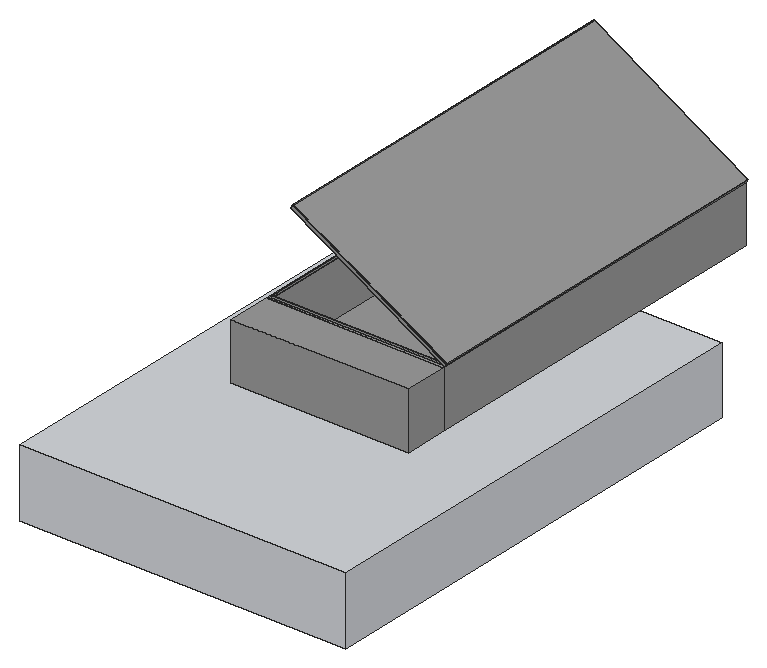
Revit family "Hager-Univers-IP55-D275-H1900-Cl.I-Steel_encl-NoHosted-DE-de", category Equipement électrique, Revit 2020
Family settings
  Hôte = Face
  Configuration du panneau = Deux colonnes, circuits au sein
  Cote de connecteur circulaire = Utiliser le diamètre
  Type d'élément = Tableau de raccordement
  Couper avec des vides une fois chargée = Non
  Partagée = Non
  Point de calcul de pièce = Non
Parameters (values of type "Bodenaufstellung IP55 B800 H1900 T275  - FR13E2")
  Width Control [instance] = if([EF000008 - Breite] > Min Width, [EF000008 - Breite], Min Width)  # 800 mm
  Commentaires du type = [HG000003 - Bereich]  # "Univers"
  Thickness Door [instance] = if([EF009171 - Materialstärke Tür/Deckel] > 3 mm, 3 mm, [EF009171 - Materialstärke Tür/Deckel])  # 1.5 mm
  Seal Frame Offset [instance] = 17 mm  # constant formula
  Plinth Visibility [instance] = [HG000027 - Sockelhöhe] > 0 mm  # yes
  Model = ""
  Min Width [instance] = 100 mm  # constant formula
  Min Height [instance] = 100 mm  # constant formula
  Min Depth [instance] = (2 * [EF009170 - Materialstärke Gehäuse]) + 1 mm  # 4 mm
  Internal Frame Depth [instance] = (Door System Depth * 0.5)  # 9 mm
  Height Control [instance] = if([EF000040 - Höhe] > Min Height, [EF000040 - Höhe], Min Height)  # 1900 mm
  HG000027 - Sockelhöhe = 200 mm
  HG000026 - Stehend auf dem Boden = yes
  HG000024 - Höhe des unteren Teils = 800 mm
  HG000023 - Gehäuse mit doppeltem Querschnitt = no
  HG000016 - 3D-Türsichtbarkeit [instance] = yes
  HG000015 - Sichtbarkeit der Türöffnung [instance] = no
  HG000014 - Tür rechts [instance] = yes
  HG000013 - Tür links [instance] = not([HG000014 - Tür rechts])  # no
  HG000012 - Türschwenkwinkel [instance] = 30.00°
  HG000010 - Asymmetrische Türen = no
  HG000009 - Doppelflügeligen Tür = no
  HG000006 - Unterputz = no
  HG000004 - Herstellerreferenz = "FR13E2"
  HG000003 - Bereich = "Univers"
  HG000002 - Mit tür = yes
  Frame Offset Bottom [instance] = 10 mm  # constant formula
  Frame Offset [instance] = 15 mm  # constant formula
  EF015940 - Deckel mit Überdruckentlastung = no
  EF011959 - Schutzart (NEMA) = ""
  EF009554 - Anzahl der Öffnungen für Flanschplatten = 6
  Fabricant = "Hager"  # constant formula
  EF009212 - Ausführung Deckel = "EV000116 - geschlossen"
  EF009171 - Materialstärke Tür/Deckel = 1.5 mm
  EF009170 - Materialstärke Gehäuse = 1.5 mm
  EF008873 - Nennstrom (In) = 800 A
  EF007800 - Geeignet für Blitzschutz = no
  EF006306 - Mit Schloss = no
  EF006244 - Transparenter Deckel/Tür = no
  EF005474 - Schutzart (IP) = "EV006420 - IP55"
  EF004464 - Art der Tür = "EV002646 - Einzel"
  EF004427 - Anzahl der Module = 396
  EF004293 - Schlagfestigkeit = "EV008784 - IK10"
  EF003532 - Geeignet für Außengebrauch = no
  EF002950 - Breite in Teilungseinheiten = 24
  EF001613 - Funktionserhalt = "EV000494 - ohne"
  EF001596 - Werkstoff des Gehäuses = "EV000179 - Stahl"
  EF001131 - Innentiefe = 275 mm
  EF001088 - Anbaumöglichkeit = yes
  EF000437 - Anzahl der Leitungseinführungen = 6
  EF000339 - Art der Abdeckung = "EV004216 - Tür"
  EF000266 - Anzahl der Reihen = 11
  EF000218 - Einbautiefe = 0 mm
  EF000118 - Mit Montageplatte = no
  EF000116 - RAL-Nummer = "7035"
  EF000049 - Tiefe = 275 mm
  EF000040 - Höhe = 1900 mm
  EF000008 - Breite = 800 mm
  EF000007 - Farbe = "EV000270 - grau"
  EF000003 - Montageart = "EV012274 - Bodenaufstellung"
  Door System Leaf Tolerance [instance] = 1.5 mm  # constant formula
  Door System Depth [instance] = 18 mm  # constant formula
  Door Height [instance] = Height Control - [HG000027 - Sockelhöhe]  # 1700 mm
  Depth Control [instance] = if([EF000049 - Tiefe] > Min Depth, [EF000049 - Tiefe], Min Depth)  # 275 mm
  Default Elevation = 0 mm
  Connector Offset [instance] = Height Control / 2  # 950 mm
  Bottom Top Plate Trim [instance] = 1.5 mm  # constant formula
  Plinth height Ctrl [instance] = if([HG000027 - Sockelhöhe] > 0 mm, [HG000027 - Sockelhöhe], 12 mm)  # 200 mm
Types (5, lengths in mm): name | Width Control | HG000010 - Asymmetrische Türen | HG000009 - Doppelflügeligen Tür | HG000004 - Herstellerreferenz | EF009554 - Anzahl der Öffnungen für Flanschplatten | EF004464 - Art der Tür | EF004427 - Anzahl der Module | EF000437 - Anzahl der Leitungseinführungen | EF000008 - Breite
  Bodenaufstellung IP55 B1050 H1900 T275  - FR14E2 | 1050 | yes | yes | "FR14E2" | 8 | "EV003602 - Doppel" | 528 | 8 | 1050
  Bodenaufstellung IP55 B1300 H1900 T275  - FR15E2 | 1300 | yes | yes | "FR15E2" | 10 | "EV003602 - Doppel" | 660 | 10 | 1300
  Bodenaufstellung IP55 B300 H1900 T275  - FR11E2 | 300 | no | no | "FR11E2" | 2 | "EV002646 - Einzel" | 132 | 2 | 300
  Bodenaufstellung IP55 B550 H1900 T275  - FR12E2 | 550 | no | no | "FR12E2" | 4 | "EV002646 - Einzel" | 264 | 4 | 550
  Bodenaufstellung IP55 B800 H1900 T275  - FR13E2 | 800 | no | no | "FR13E2" | 6 | "EV002646 - Einzel" | 396 | 6 | 800
Reference planes
  plane 1 "Center (Front/Back)": y = 0
  plane 2: z = 0
  plane 3 "Center (Left/Right)": x = 0
  plane 4: z = 275
  plane 5: y = 201.5
  plane 6: y = 1050
  plane 7: y = 200
  plane 8: y = 1900
  plane 9: z = 0
  plane 10: x = -385
  plane 11: x = 385
  plane 12: x = 383.5
  plane 13: x = -383.5
  plane 14: y = 1898.5
  plane 15: x = -383
  plane 16: x = -400
  plane 17: x = 383
  plane 18: x = 400
  plane 19: x = 398.5
  plane 20: x = -398.5
  plane 21: y = 211.5
  plane 22: y = 1900
  plane 23: y = 1883.5
  plane 24: z = 257
  plane 25: z = 1.5
  plane 26: z = 255.5
  plane 27: z = 273.5
Forms (mm)
  Extrusion 1, solid
    sketch origin (0, 0, 0) x (1, 0, 0) y (0, 1, 0)
      loop
        line (-702.964, 1305) -> (-702.964, -811.445) -> (766.763, -811.445) -> (766.763, 1305) -> (-702.964, 1305)
    from 0 to -304.8
  Extrusion 2, solid, material "Hager_Steel_RAL7035_Light_Grey", visible <- "Plinth Visibility", detail levels medium+fine
    sketch origin (0, 0, 0) x (1, 0, 0) y (0, 1, 0)
      loop
        line (-400, 0) -> (400, 0) -> (400, 200) -> (-400, 200) -> (-400, 0)
    from 0 to 257
  Extrusion 3, solid, material "Hager_Steel_RAL7035_Light_Grey", detail levels medium+fine
    sketch origin (0, 0, 0) x (1, 0, 0) y (0, 1, 0)
      loop
        line (-400, 200) -> (400, 200) -> (400, 1900) -> (-400, 1900) -> (-400, 200)
    from 0 to 257
  Extrusion 4, void
    sketch origin (0, 0, 0) x (1, 0, 0) y (0, 1, 0)
      loop
        line (-398.5, 201.5) -> (398.5, 201.5) -> (398.5, 1898.5) -> (-398.5, 1898.5) -> (-398.5, 201.5)
    from 1.5 to 255.5
  Extrusion 5, void
    sketch origin (-381.607, -4572, 257) x (0, -1, 0) y (-1, 0, 0)
      loop
        line (-4783.5, 1.893) -> (-6455.5, 1.893) -> (-6455.5, -765.107) -> (-4783.5, -765.107) -> (-4783.5, 1.893)
    from 0 to 1.5 <- "EF009170 - Materialstärke Gehäuse"
  Extrusion 6, solid, material "Hager_Steel_RAL7035_Light_Grey", detail levels fine
    sketch origin (0, 0, 257) x (1, 0, 0) y (0, 1, 0)
      loop
        line (-383.5, 1883.5) -> (-383.5, 211.5) -> (383.5, 211.5) -> (383.5, 1883.5) -> (-383.5, 1883.5)
      loop
        line (-385, 210) -> (385, 210) -> (385, 1885) -> (-385, 1885) -> (-385, 210)
    from 0 to 9 <- "Internal Frame Depth"
  Extrusion 7, solid, material "Hager_Steel_RAL7035_Light_Grey", detail levels coarse
    sketch origin (0, 0, 0) x (1, 0, 0) y (0, 1, 0)
      loop
        line (-400, 0) -> (400, 0) -> (400, 1900) -> (-400, 1900) -> (-400, 0)
    from 0 to 275
  Sweep 8, void
    path in 3D
      loop
        line (-400, 200, 0) -> (400, 200, 0) -> (400, 200, 257) -> (-400, 200, 257) -> (-400, 200, 0)
    profile origin (-400, 200, 128.5) x (-1, 0, 0) y (0, -1, 0)
      loop
        line (0, 0) -> (0, 1.5) -> (-1.5, 1.5)
        arc (-1.5, 1.5) -> (-1.061, 0.439) -> (0, 0) r 1.5
Cuts and joins
  Extrusion 4, Extrusion 5 cuts Extrusion 3
  Sweep 8 cuts Extrusion 2
Lines and regions (mm)
  Masking region 1
    outline origin (0, 0, 0) x (1, 0, 0) y (0, 0, 1)
      loop
        line (-400, 275) -> (-400, 0) -> (400, 0) -> (400, 275) -> (-400, 275)
  Masking region 2, detail levels medium+fine
    outline origin (0, 140, 0) x (0, 1, 0) y (0, 0, 1)
      loop
        line (60, 0) -> (1760, 0) -> (1760, 257) -> (60, 257) -> (60, 0)
  Masking region 3, not visible, detail levels medium+fine
    outline origin (0, 297.922, 0) x (0, 1, 0) y (0, 0, 1)
      loop
        line (763.578, 0) -> (803.578, 0) -> (803.578, 263.5)
        arc (803.578, 263.5) -> (800.649, 270.571) -> (793.578, 273.5) r 10
        line (793.578, 273.5) -> (763.578, 273.5) -> (763.578, 0)
  Masking region 4, detail levels coarse
    outline origin (0, 0, 180) x (0, 1, 0) y (0, 0, 1)
      loop
        line (0, -180) -> (1900, -180) -> (1900, 95) -> (0, 95) -> (0, -180)
  Masking region 5, visible <- "Plinth Visibility", detail levels medium+fine
    outline origin (0, 52.24, 12.345) x (0, 0, -1) y (0, 1, 0)
      loop
        line (10.845, 147.76) -> (-243.155, 147.76)
        arc (-243.155, 147.76) -> (-243.594, 146.699) -> (-244.655, 146.26) r 1.5
        line (-244.655, 146.26) -> (-244.655, -52.24) -> (12.345, -52.24) -> (12.345, 146.26)
        arc (12.345, 146.26) -> (11.285, 146.699) -> (10.845, 147.76) r 1.5
  Masking region 6, detail levels medium+fine
    outline origin (-381.607, -4572, 257) x (-1, 0, 0) y (0, -1, 0)
      loop
        line (18.393, -6472) -> (18.393, -4772) -> (-781.607, -4772) -> (-781.607, -6472) -> (18.393, -6472)
  Masking region 7, visible <- "Plinth Visibility", detail levels medium+fine
    outline origin (-381.607, -4727, 257) x (-1, 0, 0) y (0, -1, 0)
      loop
        arc (16.893, -4927) -> (17.332, -4925.939) -> (18.393, -4925.5) r 1.5
        line (18.393, -4925.5) -> (18.393, -4727) -> (-781.607, -4727) -> (-781.607, -4925.5)
        arc (-781.607, -4925.5) -> (-780.546, -4925.939) -> (-780.107, -4927) r 1.5
        line (-780.107, -4927) -> (16.893, -4927)
  Masking region 8, detail levels coarse
    outline origin (-442.548, -4669.526, 257) x (-1, 0, 0) y (0, -1, 0)
      loop
        line (-42.548, -6569.526) -> (-42.548, -4669.526) -> (-842.548, -4669.526) -> (-842.548, -6569.526) -> (-42.548, -6569.526)
  sketch lines
    curve 1: line (-400, 200, 257) -> (-400, 200, 0)
    curve 2: line (400, 200, 257) -> (-400, 200, 257)
    curve 3: line (400, 200, 257) -> (400, 200, 0)
    curve 4: line (-400, 200, 0) -> (400, 200, 0)
Dimensions and locks
  "Depth Control": plane 4 to Extrusion 1
  "HG000027 - Sockelhöhe": plane 1 "Center (Front/Back)" to plane 7
  "EF009170 - Materialstärke Gehäuse": plane 5 to plane 7
  locked: connector elem to plane 3 "Center (Left/Right)"
  equal spacing: plane 8, plane 6, plane 7
  locked: connector elem to plane 6
  "EF009170 - Materialstärke Gehäuse": plane 8 to plane 14
  "EF009170 - Materialstärke Gehäuse": plane 10 to plane 13
  "EF009170 - Materialstärke Gehäuse": plane 12 to plane 11
  "Frame Offset": plane 20 to plane 13
  "Frame Offset": plane 12 to plane 19
  "EF009170 - Materialstärke Gehäuse": plane 16 to plane 20
  "EF009170 - Materialstärke Gehäuse": plane 19 to plane 18
  "Seal Frame Offset": plane 16 to plane 15
  "Seal Frame Offset": plane 17 to plane 18
  "Frame Offset Bottom": plane 21 to plane 5
  "Frame Offset": plane 14 to plane 23
  equal spacing: plane 16, plane 3 "Center (Left/Right)", plane 18
  "Width Control": plane 16 to plane 18
  "EF009170 - Materialstärke Gehäuse": plane 4 to plane 27
  "EF009170 - Materialstärke Gehäuse": plane 24 to plane 26
  "EF009170 - Materialstärke Gehäuse": plane 25 to level
  "Door System Depth": plane 4 to plane 24
  "Height Control": plane 1 "Center (Front/Back)" to Extrusion 7 sketch curve
  "Height Control": Masking region 4 sketch curve to plane 1 "Center (Front/Back)"
  "Height Control": plane 1 "Center (Front/Back)" to plane 22
  "Bottom Top Plate Trim": profile plane to Sweep 8 sketch curve
  "Bottom Top Plate Trim": Sweep 8 sketch curve to profile plane
  "Plinth height Ctrl": plane 1 "Center (Front/Back)" to Extrusion 2 sketch curve
  "Plinth height Ctrl": Masking region 5 sketch curve to plane 1 "Center (Front/Back)"
  "Plinth height Ctrl": plane 1 "Center (Front/Back)" to Masking region 7 sketch curve
  "Thickness Door": Extrusion 6 sketch curve to Extrusion 6 sketch curve  (x3)
  "Thickness Door": cut or joined group of Extrusion 3, Extrusion 4, Extrusion 5 to Extrusion 6 sketch curve
  radius of Masking region 3 sketch curve = 10 mm
  "Bottom Top Plate Trim": radius of Masking region 5 sketch curve  (x2)
  "Bottom Top Plate Trim": radius of Sweep 8 sketch curve
  "Bottom Top Plate Trim": radius of Masking region 7 sketch curve  (x2)
  aligned and locked: plane 2 to Extrusion 1
  aligned and locked: level to Extrusion 1
  aligned and locked: level to Masking region 1 sketch curve
  aligned and locked: Masking region 1 sketch curve to plane 18
  aligned and locked: Masking region 1 sketch curve to plane 16
  aligned and locked: plane 7 to Masking region 2 sketch curve
  aligned and locked: level to Masking region 3 sketch curve
  aligned and locked: Masking region 3 sketch curve to plane 27
  aligned and locked: level to Masking region 2 sketch curve
  aligned and locked: plane 1 "Center (Front/Back)" to Extrusion 2 sketch curve
  aligned and locked: Extrusion 3 sketch curve to plane 7
  aligned and locked: plane 16 to Extrusion 3 sketch curve
  aligned and locked: plane 18 to Extrusion 3 sketch curve
  aligned and locked: plane 20 to Extrusion 4 sketch curve
  aligned and locked: plane 19 to Extrusion 4 sketch curve
  aligned and locked: Extrusion 4 sketch curve to plane 5
  aligned and locked: Extrusion 4 to plane 25
  aligned and locked: plane 26 to Extrusion 4
  aligned and locked: plane 24 to Extrusion 3
  aligned and locked: Extrusion 5 sketch curve to plane 21
  aligned and locked: Extrusion 5 sketch curve to plane 13
  aligned and locked: Extrusion 5 sketch curve to plane 12
  aligned and locked: plane 18 to Extrusion 7 sketch curve
  aligned and locked: plane 1 "Center (Front/Back)" to Extrusion 7 sketch curve
  aligned and locked: plane 16 to Extrusion 7 sketch curve
  aligned and locked: plane 4 to Extrusion 7
  aligned and locked: Extrusion 7 to level
  aligned and locked: level to Masking region 4 sketch curve
  aligned and locked: Masking region 4 sketch curve to plane 1 "Center (Front/Back)"
  aligned and locked: Masking region 4 sketch curve to plane 4
  aligned and locked: nested 1 to level
  aligned and locked: nested 1 to plane 16
  aligned and locked: plane 8 to Extrusion 3 sketch curve
  aligned and locked: plane 23 to Extrusion 5 sketch curve
  aligned and locked: plane 14 to Extrusion 4 sketch curve
  aligned and locked: Masking region 2 sketch curve to plane 8
  aligned and locked: level to Masking region 5 sketch curve
  aligned and locked: plane 16 to Extrusion 2 sketch curve
  aligned and locked: plane 18 to Extrusion 2 sketch curve
  aligned and locked: Masking region 5 sketch curve to plane 24
  aligned and locked: Masking region 2 sketch curve to plane 24
  aligned and locked: plane 24 to Extrusion 2
  aligned and locked: profile plane to Sweep 8 sketch curve  (x2)
  aligned and locked: Masking region 6 sketch curve to plane 18
  aligned and locked: Masking region 6 sketch curve to plane 22
  aligned and locked: Masking region 6 sketch curve to plane 16
  aligned and locked: plane 8 to plane 22
  aligned and locked: Masking region 6 sketch curve to plane 7
  aligned and locked: Masking region 7 sketch curve to plane 16
  aligned and locked: Masking region 7 sketch curve to plane 1 "Center (Front/Back)"
  aligned and locked: Masking region 7 sketch curve to plane 18
  aligned and locked: Masking region 8 sketch curve to plane 1 "Center (Front/Back)"
  aligned and locked: Masking region 8 sketch curve to plane 18
  aligned and locked: Masking region 8 sketch curve to plane 22
  aligned and locked: Masking region 8 sketch curve to plane 16
  aligned and locked: nested 2 to plane 7
  aligned and locked: plane 3 "Center (Left/Right)" to nested 2
  aligned and locked: nested 2 to plane 24
  aligned and locked: Extrusion 6 sketch curve to cut or joined group of Extrusion 3, Extrusion 4, Extrusion 5  (x4)
Automatic sketch dimensions
  Extrusion 1 sketch curve to Extrusion 1 sketch curve = 1469.727 mm
  Extrusion 1 sketch curve to Extrusion 1 sketch curve = 2116.445 mm
  Masking region 1 sketch curve to plane 4 = 0 mm
  plane 6 to Masking region 3 sketch curve = 11.5 mm
  Masking region 3 sketch curve to Masking region 3 sketch curve = 30 mm
  Masking region 5 sketch curve to plane 1 "Center (Front/Back)" = 0 mm
Nested families
  nested 1: "Hager_Enclosure_Symbol" at (-400, 0, 0) x (1, 0, 0) z (0, -1, 0), Height <- "Depth Control", Width <- "Width Control", type "Hager_Enclosure_Symbol"
    with Width_Ctrl 800 mm, Width 800 mm, Height_Ctrl 275 mm, Height 275 mm, A_Width_Int 18.047 mm, A_Width 216.562 mm, A_Height_Ctrl 240.625 mm, A_Height 240.625 mm
  nested 2: "EC000058_Univers_Door" at (0, 200, 257) x (1, 0, 0) z (0, 1, 0), Leaf_Tolerance <- "Door System Leaf Tolerance", Angle <- "HG000012 - Türschwenkwinkel", Door_Depth <- "Door System Depth", Door_Left <- "HG000013 - Tür links", Transparent <- "EF006244 - Transparenter Deckel/Tür", Assymetrical <- "HG000010 - Asymmetrische Türen", Width <- "Width Control", Clearance <- "HG000015 - Sichtbarkeit der Türöffnung", Double <- "HG000009 - Doppelflügeligen Tür", 3d_Door <- "HG000016 - 3D-Türsichtbarkeit", Lock_Visibility <- "EF006306 - Mit Schloss", Width_Ctrl <- "Width Control", Door_Right <- "HG000014 - Tür rechts", Door <- "HG000002 - Mit tür", Height <- "Door Height", Thickness <- "Thickness Door", type "EC000058_Univers_Door", detail levels medium+fine
    with min_wh 4 mm, Width_Ctrl 800 mm, Width 800 mm, Transparent no, Thickness 1.5 mm, Seal_Material Hager_Rubber, Lock_Visibility no, Lock_Material Hager_Plastic_RAL9005_Jet_Black, Leaf_Width 800 mm, Leaf_Tolerance_External_Sides 0 mm, Leaf_Tolerance 1.5 mm, Leaf_Offset 0 mm, Leaf_Height 1697 mm, Leaf_2_Width 800 mm, Leaf_2_Offset 400 mm, Leaf_1_Width 800 mm, Leaf_1_Offset 400 mm, Height_Ctrl 1700 mm, Height 1700 mm, Glass_Material Hager_Glass, Double_Clearance_Ctrl no, Double no, Door_Right_Ctrl yes, Door_Right yes, Door_Material Hager_Steel_RAL7035_Light_Grey, Door_Left_Ctrl no, Door_Left no, Door_Depth 18 mm, Door yes, Clearance_Material Hager_Clearance, Clearance_Depth 800 mm, Clearance_Ctrl no, Clearance no, Assymetrical no, Angle 30.00°, 3d_Door yes
Connectors
  electrical at (0, 1050, 0)
    settings: on plane 9, index 1, voltage 0 V, apparent load 0 VA, apparent load phase1 0 VA, apparent load phase2 0 VA, apparent load phase3 0 VA, power factor 1, load classification "Other", number of poles 1, system type 30, power factor state 1, is connector primary yes, connector utility no, sub classification motor no, connector description ""
Definition of nested family "EC000058_Univers_Door"
  Parameters (values of type "EC000058_Univers_Door")
    min_wh [instance] = (2 * Thickness) + 1 mm  # 11 mm
    Width_Ctrl [instance] = 400 mm
    Width [instance] = 500 mm
    Transparent [instance] = yes
    Thickness [instance] = 5 mm
    Seal_Material [instance] = none
    Lock_Visibility [instance] = yes
    Lock_Material [instance] = none
    Leaf_Width [instance] = if((Width_Ctrl - 2 * Leaf_Tolerance_External_Sides) > 0 mm, (Width_Ctrl - 2 * Leaf_Tolerance_External_Sides), min_wh)  # 400 mm
    Leaf_Tolerance_External_Sides [instance] = 0 mm  # constant formula
    Leaf_Tolerance [instance] = 1.5 mm
    Leaf_Offset [instance] = 0 mm  # constant formula
    Leaf_Height [instance] = if((Height_Ctrl - 2 * Leaf_Tolerance) > 0 mm, (Height_Ctrl - 2 * Leaf_Tolerance), min_wh)  # 497 mm
    Leaf_2_Width [instance] = if(and(and(Double, Assymetrical), Door_Left), (Leaf_Width / 3) - (Leaf_Tolerance / 2), if(and(and(Double, Assymetrical), Door_Right), (Leaf_Width / 3) * 2 - (Leaf_Tolerance / 2), if(and(Double, not(Assymetrical)), (Leaf_Width / 2) - Leaf_Tolerance, Leaf_Width)))  # 400 mm
    Leaf_2_Offset [instance] = if(and(Double, Assymetrical), Leaf_2_Width / 2, if(and(Double, not(Assymetrical)), Leaf_Width / 4, Leaf_Width / 2))  # 200 mm
    Leaf_1_Width [instance] = if(and(and(Double, Assymetrical), Door_Right), (Leaf_Width / 3) - (Leaf_Tolerance / 2), if(and(and(Double, Assymetrical), Door_Left), (Width / 3) * 2 - (Leaf_Tolerance / 2), if(and(Double, not(Assymetrical)), (Leaf_Width / 2) - Leaf_Tolerance, Leaf_Width)))  # 400 mm
    Leaf_1_Offset [instance] = if(and(Double, Assymetrical), Leaf_1_Width / 2, if(and(Double, not(Assymetrical)), Leaf_Width / 4, Leaf_Width / 2))  # 200 mm
    Height_Ctrl [instance] = if(Height > min_wh, Height, min_wh)  # 500 mm
    Height [instance] = 500 mm
    Glass_Material [instance] = none
    Double_Clearance_Ctrl [instance] = and(Double, Clearance)  # no
    Double [instance] = no
    Door_Right_Ctrl [instance] = and(or(Door_Right, Double), Door)  # yes
    Door_Right [instance] = yes
    Door_Material [instance] = none
    Door_Left_Ctrl [instance] = and(or(Door_Left, Double), Door)  # no
    Door_Left [instance] = no
    Door_Depth [instance] = 30 mm
    Door [instance] = yes
    Default Elevation = 1219.2 mm
    Clearance_Material [instance] = none
    Clearance_Depth [instance] = if(Leaf_1_Width > Leaf_2_Width, Leaf_1_Width, Leaf_2_Width)  # 400 mm
    Clearance_Ctrl [instance] = and(not(Double), Clearance)  # yes
    Clearance [instance] = yes
    Assymetrical [instance] = yes
    Angle [instance] = 30.00°
    3d_Door [instance] = yes
  Reference planes
    plane 1 "Center (Front/Back)": y = 0
    plane 2 "Bottom": z = 0
    plane 3 "Center (Left/Right)": x = 0
    plane 4: z = 500
    plane 5: x = -200
    plane 6: x = 200
    plane 7: z = 500
    plane 8: x = -200
    plane 9: z = 0
    plane 10: x = 200
    plane 11: y = 0
    plane 12: z = 1.5
    plane 13: x = -600
    plane 14: y = -400
    plane 15: x = 600
    plane 16: x = 0
    plane 17: x = 0
    plane 18: x = -200
    plane 19: x = 200
    plane 20: z = 498.5
  Forms (mm)
    Extrusion 1, solid, material <- "Clearance_Material", visible <- "Double_Clearance_Ctrl"
      sketch origin (1200, 0, 0) x (1, 0, 0) y (0, 0, -1)
        loop
          line (-1800, -498.5) -> (-600, -498.5) -> (-600, 0) -> (-1800, 0) -> (-1800, -498.5)
      from 0 to -400
  Dimensions and locks
    equal spacing: plane 5, plane 3 "Center (Left/Right)", plane 6
    "Width_Ctrl": plane 5 to plane 6
    "Leaf_Offset": plane 5 to plane 8
    "Leaf_Offset": plane 6 to plane 10
    "Leaf_Offset": plane 9 to level
    "Leaf_Offset": plane 4 to plane 7
    "Height_Ctrl": plane 4 to level
    "Leaf_Tolerance": plane 12 to plane 9
    locked: plane 11 to plane 1 "Center (Front/Back)"
    "Leaf_1_Offset": plane 18 to plane 16
    "Leaf_2_Offset": plane 17 to plane 19
    "Leaf_1_Width": plane 13 to plane 8
    "Leaf_2_Width": plane 10 to plane 15
    "Clearance_Depth": plane 14 to plane 1 "Center (Front/Back)"
    "Leaf_Tolerance_External_Sides": plane 8 to plane 18
    "Leaf_Tolerance_External_Sides": plane 19 to plane 10
    "Leaf_Tolerance": plane 7 to plane 20
    aligned and locked: level to plane 2 "Bottom"
    aligned and locked: nested 1 to plane 16
    aligned and locked: nested 2 to plane 17
    aligned and locked: Extrusion 1 to plane 13
    aligned and locked: plane 15 to Extrusion 1
    aligned and locked: Extrusion 1 to plane 14
    aligned and locked: plane 12 to nested 1
    aligned and locked: nested 2 to plane 12
    aligned and locked: Extrusion 1 to plane 11
    aligned and locked: plane 20 to Extrusion 1
    aligned and locked: nested 2 to plane 11
    aligned and locked: nested 1 to plane 11
  Automatic sketch dimensions
    Extrusion 1 sketch curve to level = 0 mm
    plane 5 to Extrusion 1 sketch curve = 400 mm
    plane 6 to Extrusion 1 sketch curve = 400 mm
    Extrusion 1 sketch curve to plane 4 = 1.5 mm
  Nested families
    nested 1: "EC000058_Univers_Door_Leaf" at (0, 0, 1.5), Width <- "Leaf_1_Width", visible <- "Door_Left_Ctrl", Leaf_Height <- "Leaf_Height", Angle <- "Angle", 3d_Door <- "3d_Door", Transparent <- "Transparent", Clearance Material <- "Clearance_Material", Clearance <- "Clearance_Ctrl", Door_Material <- "Door_Material", Glass_Material <- "Glass_Material", Door_Depth <- "Door_Depth", Lock_Material <- "Lock_Material", Seal_Material <- "Seal_Material", Lock_Visibility <- "Lock_Visibility", Thickness <- "Thickness", type "EC000058_Univers_Door_Leaf"
      with Width 400 mm, Transparent_Glass_Offset 30 mm, Transparent_Ctrl yes, Transparent yes, Thickness 5 mm, Standard no, Seal_Material none, Seal_D2 8 mm, Seal_D1 1 mm, Offset_Internal_Frame 10 mm, Lock_Width 20 mm, Lock_Visibility_3d yes, Lock_Visibility yes, Lock_Thickness_3 3 mm, Lock_Thickness_2 1 mm, Lock_Thickness_1 3 mm, Lock_Radius_Offset_2 16 mm, Lock_Radius_Offset_1 15 mm, Lock_Radius_2 5 mm, Lock_Radius 6 mm, Lock_Offset 5 mm, Lock_Material none, Lock_Height 80 mm, Lock_Cover_Top_Offset_2d 17 mm, Lock_Cover_Height -65 mm, Leaf_Height 497 mm, Internal_Seal_Thickness 8 mm, Internal_Seal_Depth_2 4.5 mm, Internal_Frame_Depth 25 mm, Glass_Thickness -1 mm, Glass_Offset -2 mm, Glass_Material none, Door_Material none, Door_Depth 30 mm, Clearance Material none, Clearance yes, Angle_Ctrl 30.00°, Angle 30.00°, 3d_Door yes
    nested 2: "EC000058_Univers_Door_Leaf" at (0, 0, 1.5) x (-1, 0, 0) z (0, 0, 1), Width <- "Leaf_2_Width", visible <- "Door_Right_Ctrl", Leaf_Height <- "Leaf_Height", Angle <- "Angle", 3d_Door <- "3d_Door", Transparent <- "Transparent", Clearance Material <- "Clearance_Material", Clearance <- "Clearance_Ctrl", Door_Material <- "Door_Material", Glass_Material <- "Glass_Material", Door_Depth <- "Door_Depth", Lock_Material <- "Lock_Material", Seal_Material <- "Seal_Material", Lock_Visibility <- "Lock_Visibility", Thickness <- "Thickness", type "EC000058_Univers_Door_Leaf"
      with Width 400 mm, Transparent_Glass_Offset 30 mm, Transparent_Ctrl yes, Transparent yes, Thickness 5 mm, Standard no, Seal_Material none, Seal_D2 8 mm, Seal_D1 1 mm, Offset_Internal_Frame 10 mm, Lock_Width 20 mm, Lock_Visibility_3d yes, Lock_Visibility yes, Lock_Thickness_3 3 mm, Lock_Thickness_2 1 mm, Lock_Thickness_1 3 mm, Lock_Radius_Offset_2 16 mm, Lock_Radius_Offset_1 15 mm, Lock_Radius_2 5 mm, Lock_Radius 6 mm, Lock_Offset 5 mm, Lock_Material none, Lock_Height 80 mm, Lock_Cover_Top_Offset_2d 17 mm, Lock_Cover_Height -65 mm, Leaf_Height 497 mm, Internal_Seal_Thickness 8 mm, Internal_Seal_Depth_2 4.5 mm, Internal_Frame_Depth 25 mm, Glass_Thickness -1 mm, Glass_Offset -2 mm, Glass_Material none, Door_Material none, Door_Depth 30 mm, Clearance Material none, Clearance yes, Angle_Ctrl 30.00°, Angle 30.00°, 3d_Door yes
  Definition of nested family "EC000058_Univers_Door_Leaf"
    Parameters (values of type "EC000058_Univers_Door_Leaf")
      Width [instance] = 2000 mm
      Transparent_Glass_Offset [instance] = 30 mm
      Transparent_Ctrl [instance] = and(Transparent, [3d_Door])  # yes
      Transparent [instance] = yes
      Thickness [instance] = 5 mm
      Standard [instance] = and(not(Transparent), [3d_Door])  # no
      Seal_Material [instance] = none
      Seal_D2 [instance] = 8 mm  # constant formula
      Seal_D1 [instance] = 1 mm  # constant formula
      Offset_Internal_Frame [instance] = 10 mm  # constant formula
      Lock_Width [instance] = 20 mm  # constant formula
      Lock_Visibility_3d [instance] = and(Lock_Visibility, [3d_Door])  # yes
      Lock_Visibility [instance] = yes
      Lock_Thickness_3 [instance] = 3 mm  # constant formula
      Lock_Thickness_2 [instance] = 1 mm  # constant formula
      Lock_Thickness_1 [instance] = 3 mm  # constant formula
      Lock_Radius_Offset_2 [instance] = Lock_Radius_Offset_1 + 1 mm  # 16 mm
      Lock_Radius_Offset_1 [instance] = 15 mm  # constant formula
      Lock_Radius_2 [instance] = Lock_Radius - 1 mm  # 5 mm
      Lock_Radius [instance] = 6 mm  # constant formula
      Lock_Offset [instance] = 5 mm  # constant formula
      Lock_Material [instance] = none
      Lock_Height [instance] = 80 mm  # constant formula
      Lock_Cover_Top_Offset_2d [instance] = Lock_Radius_Offset_2 + 1 mm  # 17 mm
      Lock_Cover_Height [instance] = -(Lock_Height - Lock_Radius_Offset_1)  # -65 mm
      Leaf_Height [instance] = 2720.336 mm
      Internal_Seal_Thickness [instance] = 8 mm  # constant formula
      Internal_Seal_Depth_2 [instance] = 4.5 mm  # constant formula
      Internal_Frame_Depth [instance] = if(Door_Depth - Thickness > 5 mm, Door_Depth - Thickness, 5 mm)  # 25 mm
      Glass_Thickness [instance] = if(Thickness > 15 mm, Glass_Offset + 10 mm, -1 mm)  # -1 mm
      Glass_Offset [instance] = if(Thickness > 15 mm, -(Thickness + 10 mm) / 2, -2 mm)  # -2 mm
      Glass_Material [instance] = none
      Door_Material [instance] = none
      Door_Depth [instance] = 30 mm
      Default Elevation = 0 mm
      Clearance Material [instance] = none
      Clearance [instance] = yes
      Angle_Ctrl [instance] = if(Angle > 180.00°, 180.00°, Angle)  # 90.00°
      Angle [instance] = 90.00°
      3d_Door [instance] = yes
    Reference planes
      plane 1 "Center (Front/Back)": y = 0
      plane 2: z = 0
      plane 3 "Center (Left/Right)": x = 0
      plane 4: y = 2000
      plane 5: x = -1000
      plane 6: x = 1000
      plane 7: x = -3000
      plane 8: z = 2720.336
      plane 9: z = 30
      plane 10: z = 2690.336
      plane 11: x = 970
      plane 12: x = -970
      plane 13: y = -3
      plane 14: z = 107.833
      plane 15: y = -5
      plane 16: y = -223.314
      plane 17: x = -1000
      plane 18: z = 1360.168
      plane 19: y = 30
    Forms (mm)
      Extrusion 1, solid, material <- "Clearance Material", visible <- "Clearance"
        sketch origin (0, 0, 0) x (1, 0, 0) y (0, 0, 1)
          loop
            line (-3000, 2720.336) -> (-3000, 0) -> (1000, 0) -> (1000, 2720.336) -> (-3000, 2720.336)
        from 0 to -2000
      Extrusion 2, solid, material <- "Door_Material", visible <- "Standard", detail levels medium+fine
        sketch origin (-1000, 0, 0) x (0, 1, 0) y (-1, 0, 0)
          loop
            line (0, 30) -> (0, 25) -> (2000, 25) -> (2000, 30) -> (0, 30)
        from 0 to 2720.336 <- "Leaf_Height"
      Extrusion 3, solid, material <- "Door_Material", visible <- "Transparent_Ctrl", detail levels medium+fine
        sketch origin (-1000, 0, 0) x (0, 1, 0) y (-1, 0, 0)
          loop
            line (0, 25) -> (2000, 25) -> (2000, 30) -> (0, 30) -> (0, 25)
        from 0 to 2720.336 <- "Leaf_Height"
      Extrusion 4, void
        sketch origin (-1025, 2000, 0) x (0, 1, 0) y (0, 0, -1)
          loop
            line (-30, -2690.336) -> (-30, -30) -> (-1970, -30) -> (-1970, -2690.336) -> (-30, -2690.336)
        from 0 to 5 <- "Thickness"
      Sweep 5, solid, material <- "Seal_Material", visible <- "Transparent_Ctrl", detail levels fine
        path in 3D
          loop
            line (-1025, 30, 30) -> (-1025, 30, 2690.336) -> (-1025, 1970, 2690.336) -> (-1025, 1970, 30) -> (-1025, 30, 30)
        profile origin (-1025, 1000, 30) x (1, 0, 0) y (0, 0, 1)
          loop
            line (0, 0) -> (0, -8) -> (1, -8) -> (1, 0) -> (0, 0)
      Extrusion 6, solid, material <- "Glass_Material", visible <- "Transparent_Ctrl", detail levels medium+fine
        sketch origin (-1030, 0, 0) x (0, 1, 0) y (0, 0, -1)
          loop
            line (1970, -2690.336) -> (1970, -30) -> (30, -30) -> (30, -2690.336) -> (1970, -2690.336)
        from -2 <- "Glass_Offset" to -1 <- "Glass_Thickness"
      Extrusion 7, solid, material <- "Door_Material", visible <- "3d_Door", detail levels medium+fine
        sketch origin (-1025, 2000, 0) x (0, -1, 0) y (0, 0, -1)
          loop
            line (0, -2720.336) -> (2000, -2720.336) -> (2000, 0) -> (0, 0) -> (0, -2720.336)
          loop
            line (1995, -5) -> (5, -5) -> (5, -2715.336) -> (1995, -2715.336) -> (1995, -5)
        from 0 to 25 <- "Internal_Frame_Depth"
      Sweep 8, solid, material <- "Seal_Material", visible <- "Transparent_Ctrl", detail levels fine
        path in 3D
          loop
            line (-1025, 0, 0) -> (-1025, 2000, 0) -> (-1025, 2000, 2720.336) -> (-1025, 0, 2720.336) -> (-1025, 0, 0)
        profile origin (-1025, 0, 1360.168) x (1, 0, 0) y (0, 1, 0)
          loop
            line (0, 10) -> (2.975, 10)
            arc (2.975, 10) -> (4.053, 10.447) -> (4.5, 11.525) r 1.525
            line (4.5, 11.525) -> (4.5, 16.527)
            arc (4.5, 16.527) -> (4.069, 17.569) -> (3.027, 18) r 1.473
            line (3.027, 18) -> (0, 18) -> (0, 10)
      Extrusion 9, solid, material <- "Lock_Material", visible <- "Lock_Visibility_3d", detail levels fine
        sketch origin (-1030, 0, 0) x (0, 1, 0) y (0, 0, -1)
          loop
            arc (1993.5, -1400.168) -> (1994.561, -1399.729) -> (1995, -1398.668) r 1.5
            line (1995, -1398.668) -> (1995, -1320.168) -> (1975, -1320.168) -> (1975, -1398.668)
            arc (1975, -1398.668) -> (1975.439, -1399.729) -> (1976.5, -1400.168) r 1.5
            line (1976.5, -1400.168) -> (1993.5, -1400.168)
        from 3 <- "Lock_Thickness_1" to 0
      Blend 10, solid, material <- "Lock_Material", visible <- "Lock_Visibility_3d", detail levels fine
        base sketch origin (-1033, 0, 0) x (0, 1, 0) y (0, 0, -1)
          loop
            line (1975, -1320.168) -> (1975, -1398.668)
            arc (1975, -1398.668) -> (1975.439, -1399.729) -> (1976.5, -1400.168) r 1.5
            line (1976.5, -1400.168) -> (1993.5, -1400.168)
            arc (1993.5, -1400.168) -> (1994.561, -1399.729) -> (1995, -1398.668) r 1.5
            line (1995, -1398.668) -> (1995, -1320.168) -> (1975, -1320.168)
        top sketch origin (-1033, 0, 0) x (0, 1, 0) y (0, 0, -1)
          loop
            line (1976, -1320.168) -> (1976, -1398.668)
            arc (1976, -1398.668) -> (1976.146, -1399.022) -> (1976.5, -1399.168) r 0.5
            line (1976.5, -1399.168) -> (1993.5, -1399.168)
            arc (1993.5, -1399.168) -> (1993.854, -1399.022) -> (1994, -1398.668) r 0.5
            line (1994, -1398.668) -> (1994, -1320.168) -> (1976, -1320.168)
        from 0 to 1 <- "Lock_Thickness_2"
      Blend 11, solid, material <- "Lock_Material", visible <- "Lock_Visibility_3d", detail levels fine
        base sketch origin (-1034, 0, 0) x (0, 1, 0) y (0, 0, -1)
          loop
            line (1978, -1320.168) -> (1978, -1384.168)
            arc (1978, -1384.168) -> (1985, -1391.168) -> (1992, -1384.168) r 7
            line (1992, -1384.168) -> (1992, -1320.168) -> (1978, -1320.168)
        top sketch origin (-1034, 0, 0) x (0, 1, 0) y (0, 0, -1)
          loop
            line (1991, -1320.168) -> (1979, -1320.168) -> (1979, -1383.168)
            arc (1979, -1383.168) -> (1985, -1389.168) -> (1991, -1383.168) r 6
            line (1991, -1383.168) -> (1991, -1320.168)
        from 0 to 3 <- "Lock_Thickness_3"
      Extrusion 12, solid, material <- "Lock_Material", visible <- "Lock_Visibility_3d", detail levels fine
        sketch origin (-1030, 1975, 1320.168) x (1, 0, 0) y (0, -1, 0)
          loop
            line (-7, -19) -> (-7, -1) -> (0, -1) -> (0, 0) -> (-8, 0) -> (-8, -20) -> (0, -20) -> (0, -19) -> (-7, -19)
        from 0 to -65 <- "Lock_Cover_Height"
      Extrusion 13, void
        sketch origin (-1038, 1995, 1320.168) x (-1, 0, 0) y (0, 0, -1)
          loop
            line (-5, -65) -> (0, -65) -> (-5, -60) -> (-5, -65)
        from 0 to 20 <- "Lock_Width"
      Extrusion 14, void
        sketch origin (-1038, 1975, 1320.168) x (0, -1, 0) y (0, 0, -1)
          loop
            circle (-10, -15.995) r 6
          loop
            circle (-10, -15.995) r 5
        from 0 to 2
      Extrusion 15, solid, material <- "Lock_Material", visible <- "Lock_Visibility_3d", detail levels medium
        sketch origin (-1030, 0, 0) x (0, 1, 0) y (0, 0, -1)
          loop
            arc (1993.5, -1400.168) -> (1994.561, -1399.729) -> (1995, -1398.668) r 1.5
            line (1995, -1398.668) -> (1995, -1320.168) -> (1975, -1320.168) -> (1975, -1398.668)
            arc (1975, -1398.668) -> (1975.439, -1399.729) -> (1976.5, -1400.168) r 1.5
            line (1976.5, -1400.168) -> (1993.5, -1400.168)
        from 8 to 0
    Cuts and joins
      Extrusion 4 cuts Extrusion 3
      Extrusion 13, Extrusion 14 cuts Extrusion 9
      Extrusion 14 cuts Blend 11
      Extrusion 13, Extrusion 14 cuts Extrusion 12
      joined: Extrusion 9, Blend 10, Blend 11, Extrusion 12
      Extrusion 14 cuts Extrusion 15
    Lines and regions (mm)
      Masking region 1, visible <- "Lock_Visibility", detail levels fine
        outline origin (0, 0, 0) x (0, 1, 0) y (0, 0, 1)
          loop
            line (30, 1320.168) -> (33, 1320.168) -> (33, 1400.168) -> (30, 1400.168) -> (30, 1320.168)
      Masking region 2, visible <- "Lock_Visibility", detail levels fine
        outline origin (0, 3.143, 0) x (0, 1, 0) y (0, 0, 1)
          loop
            line (29.857, 1354.168) -> (30.857, 1354.168) -> (30.857, 1366.168) -> (29.857, 1366.168) -> (29.857, 1354.168)
      Masking region 3, detail levels medium+fine
        outline origin (0, 0, 0) x (0, 1, 0) y (0, 0, 1)
          loop
            line (0, 0) -> (30, 0) -> (30, 2720.336) -> (0, 2720.336) -> (0, 0)
      Masking region 4, detail levels medium+fine
        outline origin (0, 0, 0) x (1, 0, 0) y (0, 0, 1)
          loop
            line (-1000, 2720.336) -> (-1000, 0) -> (1000, 0) -> (1000, 2720.336) -> (-1000, 2720.336)
      Masking region 5, visible <- "Lock_Visibility", detail levels fine
        outline origin (-47.116, 0, 0) x (1, 0, 0) y (0, 0, 1)
          loop
            arc (1024.616, 1399.168) -> (1023.556, 1398.729) -> (1023.116, 1397.668) r 1.5
            line (1023.116, 1397.668) -> (1023.116, 1320.168) -> (1041.116, 1320.168) -> (1041.116, 1397.668)
            arc (1041.116, 1397.668) -> (1040.677, 1398.729) -> (1039.616, 1399.168) r 1.5
            line (1039.616, 1399.168) -> (1024.616, 1399.168)
      Masking region 6, visible <- "Lock_Visibility", detail levels medium+fine
        outline origin (-25, 0, 0) x (1, 0, 0) y (0, 0, 1)
          loop
            arc (1001.5, 1400.168) -> (1000.439, 1399.729) -> (1000, 1398.668) r 1.5
            line (1000, 1398.668) -> (1000, 1320.168) -> (1020, 1320.168) -> (1020, 1398.668)
            arc (1020, 1398.668) -> (1019.561, 1399.729) -> (1018.5, 1400.168) r 1.5
            line (1018.5, 1400.168) -> (1001.5, 1400.168)
      Masking region 7, visible <- "Lock_Visibility", detail levels fine
        outline origin (-73.735, 0, 0) x (1, 0, 0) y (0, 0, 1)
          loop
            line (1051.735, 1382.168) -> (1065.735, 1382.168) -> (1065.735, 1384.168)
            arc (1065.735, 1384.168) -> (1058.735, 1391.168) -> (1051.735, 1384.168) r 7
            line (1051.735, 1384.168) -> (1051.735, 1382.168)
      Masking region 8, visible <- "Lock_Visibility", detail levels fine
        outline origin (-73.735, 0, 0) x (1, 0, 0) y (0, 0, 1)
          loop
            line (1052.735, 1382.168) -> (1064.735, 1382.168) -> (1064.735, 1383.168)
            arc (1064.735, 1383.168) -> (1058.735, 1389.168) -> (1052.735, 1383.168) r 6
            line (1052.735, 1383.168) -> (1052.735, 1382.168)
      Masking region 9, visible <- "Lock_Visibility", detail levels fine
        outline origin (-25, 0, 0) x (1, 0, 0) y (0, 0, 1)
          loop
            line (1020, 1320.168) -> (1020, 1382.168) -> (1000, 1382.168) -> (1000, 1320.168) -> (1020, 1320.168)
      Masking region 10, detail levels medium+fine
        outline origin (0, 0, 0) x (1, 0, 0) y (0, 0, 1)
          loop
            circle (985, 1335.144) r 6
      Masking region 11, detail levels fine
        outline origin (0, 0, 0) x (1, 0, 0) y (0, 0, 1)
          loop
            circle (985, 1335.144) r 5
      Masking region 12, visible <- "Lock_Visibility", detail levels fine
        outline origin (0, 12.767, 0) x (0, 1, 0) y (0, 0, 1)
          loop
            line (20.233, 1320.168) -> (21.233, 1320.168) -> (21.233, 1399.168) -> (20.233, 1400.168) -> (20.233, 1320.168)
      Masking region 13, visible <- "Lock_Visibility", detail levels fine
        outline origin (0, 13.767, -10) x (0, 1, 0) y (0, 0, 1)
          loop
            line (20.233, 1330.168) -> (23.233, 1330.168) -> (23.233, 1399.168) -> (20.233, 1402.168) -> (20.233, 1330.168)
      Masking region 14, visible <- "Lock_Visibility", detail levels fine
        outline origin (0, 12.767, -10) x (0, 1, 0) y (0, 0, 1)
          loop
            line (20.233, 1330.168) -> (25.233, 1330.168) -> (25.233, 1399.305) -> (20.233, 1394.305) -> (20.233, 1330.168)
      Masking region 15, visible <- "Lock_Visibility", detail levels medium
        outline origin (0, 0, 0) x (0, 1, 0) y (0, 0, 1)
          loop
            line (30, 1320.168) -> (38, 1320.168) -> (38, 1400.168) -> (30, 1400.168) -> (30, 1320.168)
      Masking region 16, visible <- "Lock_Visibility", detail levels fine
        outline origin (-1000, 0, 0) x (0, 1, 0) y (-1, 0, 0)
          loop
            line (1975, 30) -> (1995, 30) -> (1995, 38) -> (1975, 38) -> (1975, 30)
          loop
            line (1979, 37) -> (1976, 37) -> (1976, 34) -> (1978, 34) -> (1979, 37)
          loop
            line (1994, 37) -> (1991, 37) -> (1992, 34) -> (1994, 34) -> (1994, 37)
      Masking region 17, visible <- "Lock_Visibility", detail levels medium
        outline origin (-1000, 0, 0) x (0, 1, 0) y (-1, 0, 0)
          loop
            line (1975, 30) -> (1995, 30) -> (1995, 38) -> (1975, 38) -> (1975, 30)
      symbolic lines
        curve 1: line (1000, 0, 0) -> (-3000, 0, 0)
        curve 2: arc (1000, 0, 0) -> (-1000, 2000, 0) -> (-3000, 0, 0) r 2000
        curve 4: line (-1030, 0, 0) -> (-1030, 2000, 0)
      reference lines
        curve 3: line (-1000, 0, 0) -> (-1000, 2000, 0)
      symbolic lines, detail levels medium+fine
        curve 5: line (-1030, 2000, 0) -> (-1025, 2000, 0)
        curve 7: line (-1025, 0, 0) -> (-1030, 0, 0)
        curve 8: line (-1025, 0, 0) -> (-1000, 0, 0)
        curve 9: line (-1000, 0, 0) -> (-1000, 2000, 0)
        curve 10: line (-1000, 2000, 0) -> (-1025, 2000, 0)
      symbolic lines, detail levels fine
        curve 6: line (-1025, 2000, 0) -> (-1025, 0, 0)
      sketch lines
        curve 11: line (-1025, 0, 2720.336) -> (-1025, 0, 0)
        curve 12: line (-1025, 2000, 0) -> (-1025, 0, 0)
        curve 13: line (-1025, 2000, 2720.336) -> (-1025, 2000, 0)
        curve 14: line (-1025, 0, 2720.336) -> (-1025, 2000, 2720.336)
        curve 15: line (-1025, 1970, 30) -> (-1025, 30, 30)
        curve 16: line (-1025, 30, 30) -> (-1025, 30, 2690.336)
        curve 17: line (-1025, 1970, 2690.336) -> (-1025, 1970, 30)
        curve 18: line (-1025, 30, 2690.336) -> (-1025, 1970, 2690.336)
      symbolic lines, visible <- "Transparent", detail levels medium+fine
        curve 19: line (-970, 0, 2690.336) -> (970, 0, 2690.336)
        curve 20: line (-970, 0, 30) -> (-970, 0, 2690.336)
        curve 21: line (970, 0, 30) -> (-970, 0, 30)
        curve 22: line (970, 0, 2690.336) -> (970, 0, 30)
    Dimensions and locks
      "Width": plane 1 "Center (Front/Back)" to plane 4
      equal spacing: plane 5, plane 3 "Center (Left/Right)", plane 6
      "Width": plane 5 to plane 6
      "Width": plane 7 to plane 5
      "Leaf_Height": plane 8 to level
      "Width": curve 5 to curve 3
      "Width": curve 3 to curve 3
      plane 8 to plane 10 = 30 mm
      plane 9 to level = 30 mm
      plane 12 to plane 5 = 30 mm
      plane 6 to plane 11 = 30 mm
      Extrusion 1 to Extrusion 4 sketch curve = 30 mm
      "Transparent_Glass_Offset": curve 3 to Extrusion 4 sketch curve
      "Transparent_Glass_Offset": Extrusion 4 sketch curve to cut or joined group of Extrusion 3, Extrusion 4  (x2)
      cut or joined group of Extrusion 3, Extrusion 4 to Extrusion 6 sketch curve = 30 mm
      "Transparent_Glass_Offset": cut or joined group of Extrusion 3, Extrusion 4 to Extrusion 4 sketch curve
      "Thickness": curve 6 to curve 4
      "Thickness": Extrusion 7 sketch curve to Extrusion 7 sketch curve  (x4)
      "Door_Depth": curve 4 to curve 3
      "Offset_Internal_Frame": profile plane to Sweep 8 sketch curve
      "Internal_Seal_Thickness": Sweep 8 sketch curve to Sweep 8 sketch curve
      "Internal_Seal_Depth_2": profile plane to Sweep 8 sketch curve
      "Seal_D1": profile plane to Sweep 5 sketch curve
      "Seal_D2": profile plane to Sweep 5 sketch curve
      "Thickness": Extrusion 2 sketch curve to Extrusion 2 sketch curve
      equal spacing: Extrusion 9 sketch curve, plane 18, Extrusion 9 sketch curve  (x2)
      equal spacing: Masking region 1 sketch curve, plane 18, Masking region 1 sketch curve
      "Lock_Height": Masking region 1 sketch curve to Masking region 1 sketch curve
      "Lock_Radius": Masking region 2 sketch curve to plane 18 to Masking region 2 sketch curve
      Masking region 2 sketch curve to Masking region 1 = 1 mm
      "Door_Depth": plane 19 to plane 1 "Center (Front/Back)"
      "Lock_Thickness_1": Masking region 1 sketch curve to plane 19
      "Lock_Width": Extrusion 9 sketch curve to Extrusion 9 sketch curve
      "Lock_Height": Extrusion 9 sketch curve to Extrusion 9 sketch curve
      "Lock_Offset": cut or joined group of Extrusion 3, Extrusion 4 to Extrusion 9 sketch curve
      equal spacing: plane 8, plane 18, level
      "Lock_Radius_Offset_1": Blend 11 sketch curve to Blend 10
      locked: Blend 10 to Blend 11 sketch curve at 2  (x2)
      locked: var sketch to Blend 11 sketch curve at 1  (x2)
      "Lock_Radius_Offset_2": Blend 11 sketch curve to Blend 10
      locked: Extrusion 12 sketch curve to Extrusion 12 sketch curve at 1  (x3)
      Masking region 6 sketch curve to Masking region 6 sketch curve = 80 mm
      "Lock_Height": Masking region 6 sketch curve to Masking region 6 sketch curve
      "Lock_Width": Masking region 6 sketch curve to Masking region 6 sketch curve
      locked: Masking region 6 to Masking region 5 sketch curve at 1  (x3)
      locked: Masking region 5 to Masking region 7 sketch curve at 2  (x2)
      "Lock_Radius_Offset_1": Masking region 5 to Masking region 7 sketch curve
      "Lock_Radius_Offset_2": Masking region 5 to Masking region 8 sketch curve
      locked: Masking region 7 to Masking region 8 sketch curve at 1  (x2)
      "Lock_Cover_Top_Offset_2d": Masking region 5 to Masking region 9 sketch curve
      equal spacing: Masking region 9, Masking region 10 sketch curve, Masking region 9
      equal spacing: Masking region 9, Masking region 11 sketch curve, Masking region 9
      Extrusion 15 sketch curve to Extrusion 15 sketch curve = 80 mm
      "Lock_Width": Extrusion 15 sketch curve to Extrusion 15 sketch curve
      "Lock_Height": Extrusion 15 sketch curve to Extrusion 15 sketch curve
      equal spacing: Extrusion 15 sketch curve, plane 18, Extrusion 15 sketch curve
      "Lock_Thickness_3": Masking region 13 sketch curve to Masking region 13 sketch curve
      "Lock_Height": Masking region 12 sketch curve to Masking region 12 sketch curve
      locked: Masking region 13 sketch curve to Masking region 1 at 8
      locked: Masking region 14 sketch curve to Masking region 13 at 1
      locked: Masking region 14 sketch curve to Masking region 1 at 10.863
      "Lock_Height": Masking region 15 sketch curve to Masking region 15 sketch curve
      "Lock_Offset": Extrusion 15 sketch curve to cut or joined group of Extrusion 3, Extrusion 4
      "Lock_Offset": plane 6 to Masking region 6 sketch curve
      radius of Sweep 8 sketch curve = 1.525 mm
      radius of Sweep 8 sketch curve = 1.473 mm
      radius of Extrusion 9 sketch curve = 1.5 mm  (x2)
      "Lock_Radius": radius of Extrusion 14 sketch curve
      "Lock_Radius_2": radius of Extrusion 14 sketch curve
      "Lock_Radius": radius of Masking region 10 sketch curve
      "Lock_Radius_2": radius of Masking region 11 sketch curve
      radius of Extrusion 15 sketch curve = 1.5 mm  (x2)
      "Angle_Ctrl": angle plane 1 "Center (Front/Back)" to curve 3
      locked: Masking region 12 sketch curve to Masking region 12 sketch curve (angle 45.00°)
      locked: Masking region 13 sketch curve to Masking region 13 sketch curve (angle 45.00°)
      locked: Masking region 14 sketch curve to Masking region 14 sketch curve (angle 45.00°)
      aligned and locked: level to plane 2
      aligned and locked: Extrusion 1 to curve 1
      aligned and locked: plane 6 to Extrusion 1
      aligned and locked: Extrusion 1 to plane 1 "Center (Front/Back)"
      aligned and locked: plane 4 to Extrusion 1
      aligned and locked: plane 8 to Extrusion 1
      aligned and locked: curve 7 to Extrusion 2 sketch curve
      aligned and locked: curve 5 to Extrusion 2 sketch curve
      aligned and locked: curve 7 to Extrusion 3 sketch curve
      aligned and locked: Extrusion 3 sketch curve to curve 4
      aligned and locked: Extrusion 3 sketch curve to curve 6
      aligned and locked: Extrusion 3 sketch curve to curve 5
      aligned and locked: curve 9 to curve 3
      aligned and locked: Extrusion 7 sketch curve to cut or joined group of Extrusion 3, Extrusion 4  (x4)
      aligned and locked: plane 17 to curve 3
      aligned and locked: plane 1 "Center (Front/Back)" to curve 3
      aligned and locked: plane 17 to plane 5
      aligned and locked: Sweep 8 sketch curve to profile plane
      aligned and locked: Sweep 5 sketch curve to profile plane  (x2)
      aligned and locked: Masking region 1 to Masking region 2 sketch curve
      aligned and locked: plane 19 to Masking region 1 sketch curve
      aligned and locked: plane 1 "Center (Front/Back)" to Masking region 3 sketch curve
      aligned and locked: plane 19 to Masking region 3 sketch curve
      aligned and locked: level to Masking region 3 sketch curve
      aligned and locked: Masking region 3 sketch curve to plane 8
      aligned and locked: plane 17 to Masking region 4 sketch curve
      aligned and locked: level to Masking region 4 sketch curve
      aligned and locked: Masking region 4 sketch curve to plane 8
      aligned and locked: plane 12 to curve 20
      aligned and locked: plane 10 to curve 19
      aligned and locked: plane 11 to curve 22
      aligned and locked: curve 21 to plane 9
      aligned and locked: Extrusion 2 sketch curve to cut or joined group of Extrusion 3, Extrusion 4
      aligned and locked: Blend 10 sketch curve to Extrusion 9  (x4)
      aligned and locked: Extrusion 9 to Blend 10 sketch curve
      aligned and locked: Blend 10 to Blend 11 sketch curve
      aligned and locked: Extrusion 12 sketch curve to Blend 11
      aligned and locked: Extrusion 12 sketch curve to Extrusion 9  (x4)
      aligned and locked: Masking region 5 sketch curve to Masking region 6
      aligned and locked: Masking region 9 sketch curve to Masking region 6  (x3)
      aligned and locked: Masking region 12 sketch curve to Masking region 1
      aligned and locked: Masking region 13 sketch curve to Masking region 1
      aligned and locked: Masking region 12 to Masking region 14
      aligned and locked: Masking region 14 sketch curve to Masking region 1
      aligned and locked: Masking region 15 sketch curve to Masking region 14
      aligned and locked: Masking region 13 sketch curve to Masking region 12
      aligned and locked: Masking region 16 sketch curve to cut or joined group of Extrusion 14, Extrusion 15  (x4)
      aligned and locked: Masking region 16 sketch curve to cut or joined group of Extrusion 9, Blend 10, Blend 11, Extrusion 12, Extrusion 13, Extrusion 14  (x6)
      aligned and locked: cut or joined group of Extrusion 9, Blend 10, Blend 11, Extrusion 12, Extrusion 13, Extrusion 14 to Masking region 16 sketch curve
      aligned and locked: Masking region 17 sketch curve to cut or joined group of Extrusion 14, Extrusion 15  (x3)
      aligned and locked: Masking region 17 sketch curve to cut or joined group of Extrusion 9, Blend 10, Blend 11, Extrusion 12, Extrusion 13, Extrusion 14
      aligned and locked: Masking region 9 to Masking region 8 sketch curve
      aligned and locked: Masking region 9 to Masking region 7 sketch curve
    Automatic sketch dimensions
      plane 1 "Center (Front/Back)" to curve 2 = 0 mm
      curve 2 to plane 5 = 0 mm
      Extrusion 1 sketch curve to level = 0 mm
      Extrusion 1 sketch curve to plane 7 = 0 mm
      Extrusion 1 sketch curve to plane 6 = 0 mm
      Extrusion 1 sketch curve to plane 8 = 0 mm
      Extrusion 3 to Extrusion 6 sketch curve = 30 mm  (x4)
      Masking region 4 sketch curve to plane 6 = 0 mm
      Blend 10 sketch curve to Extrusion 9 = 1.5 mm
      Blend 10 sketch curve to Extrusion 9 = 1 mm
      Extrusion 13 sketch curve to Extrusion 12 = 0 mm  (x2)
      Extrusion 12 to Extrusion 13 sketch curve = 3 mm
      Extrusion 13 sketch curve to Extrusion 12 = 5 mm
      Extrusion 14 sketch curve to Extrusion 14 sketch curve = 0 mm  (x2)
      Extrusion 14 sketch curve to Extrusion 12 = 10 mm
      Extrusion 14 sketch curve to Extrusion 12 = 15.995 mm
      Masking region 5 sketch curve to Masking region 5 sketch curve = 1.5 mm  (x2)
      Masking region 10 sketch curve to plane 18 = 25.024 mm
      Masking region 11 sketch curve to plane 18 = 25.024 mm
      plane 19 to Masking region 14 sketch curve = 3 mm
      Masking region 16 sketch curve to Masking region 16 sketch curve = 3 mm
      curve 4 to curve 3 = 0 mm
      Blend 10 to Blend 11 sketch curve = 0 mm
      Masking region 6 sketch curve to Masking region 6 sketch curve = 1.5 mm  (x2)
      Masking region 6 sketch curve to plane 18 = 40 mm
      plane 19 to Masking region 12 sketch curve = 3 mm
      Masking region 12 sketch curve to Masking region 12 sketch curve = 1 mm
      Masking region 15 sketch curve to plane 19 = 0 mm
      Masking region 15 sketch curve to plane 18 = 40 mm
      radius of Blend 10 sketch curve to Extrusion 9 = 1 mm
Definition of nested family "Hager_Enclosure_Symbol"
  Parameters (values of type "Hager_Enclosure_Symbol")
    Width_Ctrl [instance] = if(Width > 1 mm, Width, 1 mm)  # 102.27 mm
    Width [instance] = 102.27 mm
    Height_Ctrl [instance] = if(Height > 1 mm, Height, 1 mm)  # 66.5 mm
    A_Width_Int [instance] = if(A_Width / 12 > 2 mm, A_Width / 12, 2 mm)  # 4.364 mm
    A_Width [instance] = if(A_Height_Ctrl * 0.9 > 2 mm, A_Height_Ctrl * 0.9, 2 mm)  # 52.369 mm
    A_Height_Ctrl [instance] = if(A_Height > 2 mm, A_Height, 2 mm)  # 58.188 mm
    Height [instance] = 66.5 mm
    A_Height [instance] = Height - (Height / 8)  # 58.188 mm
  Reference planes
    plane 1 "Centre (avant/arrière)": y = 0
    plane 2: z = 0
    plane 3 "Centre (gauche/droite)": x = 0
    plane 4: x = 52.369
    plane 5: y = 33.042
    plane 6: y = 41.77
    plane 7: y = 66.5
    plane 8: x = 26.184
    plane 9: y = 37.406
    plane 10: x = 102.27
    plane 11: y = 66.5
    plane 12: y = 8.313
  Lines and regions (mm)
    Filled region 1, type "Solid_Black", in view "Niveau de réf."
      outline origin (0, 0, 0) x (1, 0, 0) y (0, 1, 0)
        loop
          line (52.369, 66.5) -> (33.188, 54.536) -> (45.365, 45.006) -> (52.369, 66.5)
    Filled region 2, type "Solid_Black", in view "Niveau de réf."
      outline origin (0, 0, 0) x (1, 0, 0) y (0, 1, 0)
        loop
          line (0, 0) -> (102.27, 0) -> (102.27, 66.5) -> (0, 0)
    detail lines, in view "Niveau de réf."
      curve 1: line (0, 8.313, 0) -> (26.184, 41.77, 0)
      curve 2: line (26.184, 41.77, 0) -> (26.184, 33.042, 0)
      curve 3: line (26.184, 33.042, 0) -> (52.369, 66.5, 0)
  Dimensions and locks
    "A_Width": plane 3 "Centre (gauche/droite)" to plane 4
    equal spacing: plane 3 "Centre (gauche/droite)", plane 8, plane 4
    equal spacing: plane 6, plane 9, plane 5
    equal spacing: curve 3, Filled region 1 sketch curve, Filled region 1 sketch curve
    "Height_Ctrl": plane 1 "Centre (avant/arrière)" to plane 11
    "A_Height_Ctrl": plane 11 to plane 12
    equal spacing: plane 11, plane 9, plane 12
    "A_Width_Int": plane 6 to plane 9
    "Width_Ctrl": plane 3 "Centre (gauche/droite)" to plane 10
    angle Filled region 1 sketch curve to curve 3 = 20.00°
    angle curve 3 to Filled region 1 sketch curve = 20.00°
    locked: curve 3 to Filled region 1 sketch curve (angle 90.00°)
    aligned and locked: plane 10 to Filled region 2
    aligned and locked: plane 11 to Filled region 2 sketch curve
    aligned and locked: plane 10 to Filled region 2 sketch curve
    aligned and locked: plane 3 "Centre (gauche/droite)" to curve 1
    aligned and locked: plane 12 to curve 1
    aligned and locked: plane 7 to plane 11
  Automatic sketch dimensions
    Filled region 1 sketch curve to plane 4 = 0 mm
    Filled region 1 sketch curve to plane 7 = 0 mm
    plane 1 "Centre (avant/arrière)" to Filled region 2 sketch curve = 0 mm
    Filled region 2 sketch curve to plane 3 "Centre (gauche/droite)" = 0 mm
    curve 2 to plane 6 = 0 mm
    curve 2 to plane 8 = 0 mm
    curve 3 to plane 4 = 0 mm
    curve 2 to plane 5 = 0 mm
    curve 3 to plane 7 = 0 mm
